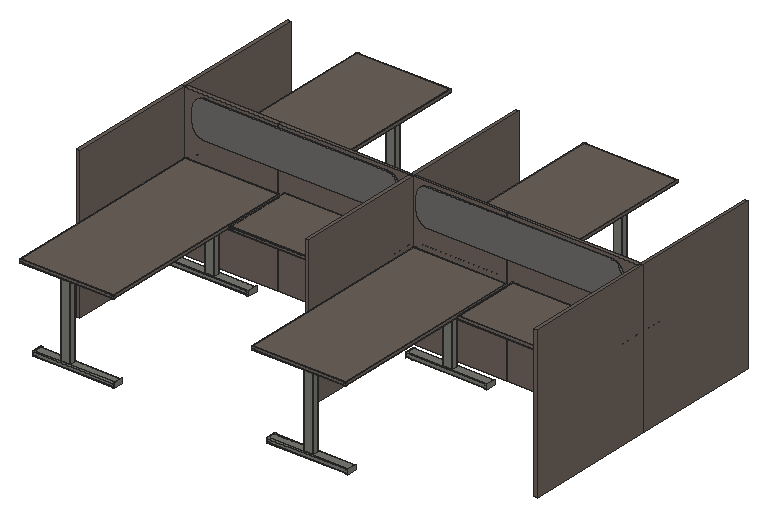
Revit family "T200182", category Furniture, Revit 2015 (continued)
Definition of nested family "STAKS SPINE OR DIVIDER WALL 48in"
  Types (19): name | Model | Description | Width
    STAKS SPINE OR DIVIDER WALL 48in X 49in | "6-PAN-48/49" | "OFS STAKS SPINE OR DIVIDER WALL 48\" Height x 49\" Width, Levelers allow 2.5\" Height Adjustability for Uneven Floor" | 49.00"
    STAKS SPINE OR DIVIDER WALL 48in X 52in | "6-PAN-48/52" | "OFS STAKS SPINE OR DIVIDER WALL 48\" Height x 52\" Width, Levelers allow 2.5\" Height Adjustability for Uneven Floor" | 52.00"
    STAKS SPINE OR DIVIDER WALL 48in X 54in | "6-PAN-48/54" | "OFS STAKS SPINE OR DIVIDER WALL 48\" Height x 54\" Width, Levelers allow 2.5\" Height Adjustability for Uneven Floor" | 54.00"
    STAKS SPINE OR DIVIDER WALL 48in X 56in | "6-PAN-48/56" | "OFS STAKS SPINE OR DIVIDER WALL 48\" Height x 56\" Width, Levelers allow 2.5\" Height Adjustability for Uneven Floor" | 56.00"
    STAKS SPINE OR DIVIDER WALL 48in X 58in | "6-PAN-48/58" | "OFS STAKS SPINE OR DIVIDER WALL 48\" Height x 58\" Width, Levelers allow 2.5\" Height Adjustability for Uneven Floor" | 58.00"
    STAKS SPINE OR DIVIDER WALL 48in X 59in | "6-PAN-48/59" | "OFS STAKS SPINE OR DIVIDER WALL 48\" Height x 59\" Width, Levelers allow 2.5\" Height Adjustability for Uneven Floor" | 59.00"
  Reference planes (in)
    plane 1: z = -0.125
    plane 2 "LEFT": x = 7.55498
    plane 3 "RIGHT": x = 37.55498
    plane 4 "BACK": y = -1.83365
    plane 5 "FRONT": y = -2.83365
    plane 6: x = 7.67998
    plane 7: x = 37.42998
    plane 8: y = -1.95865
    plane 9: y = -2.70865
    plane 10: z = -0.125
    plane 11 "SURFACE TOP": z = 47.875
  Forms (in)
    Extrusion 1, solid, material <- "Staks Spine or Divider Wall"
      sketch origin (0, 0, 17.125) x (-1, 0, 0) y (0, -1, 0)
        loop
          line (-7.55498, 1.83365) -> (-7.55498, 2.83365) -> (-37.55498, 2.83365) -> (-37.55498, 1.83365) -> (-7.55498, 1.83365)
      from 30.75 to -17.25
  Lines and regions (in)
    symbolic lines
      curve 1: line (7.55498, -1.83365, 47.875) -> (37.55498, -1.83365, 47.875)
      curve 2: line (7.55498, -2.83365, 47.875) -> (7.55498, -1.83365, 47.875)
      curve 3: line (37.55498, -2.83365, 47.875) -> (7.55498, -2.83365, 47.875)
      curve 4: line (37.55498, -1.83365, 47.875) -> (37.55498, -2.83365, 47.875)
  Dimensions and locks (in)
    "Depth": plane 4 "BACK" to plane 5 "FRONT"
    "Width": plane 2 "LEFT" to plane 3 "RIGHT"
    "Height": plane 11 "SURFACE TOP" to plane 10
    locked: plane 4 "BACK" to plane 8 at 0.125
    locked: plane 2 "LEFT" to plane 6 at 0.125
    locked: plane 7 to plane 3 "RIGHT" at 0.125
    locked: plane 9 to plane 5 "FRONT" at 0.125
    "Height Above Floor": plane 11 "SURFACE TOP" to level
    aligned: level to plane 1
    aligned and locked: plane 11 "SURFACE TOP" to Extrusion 1
    aligned and locked: Extrusion 1 to plane 10
    aligned and locked: plane 4 "BACK" to Extrusion 1 sketch curve
    aligned and locked: Extrusion 1 sketch curve to plane 2 "LEFT"
    aligned and locked: Extrusion 1 sketch curve to plane 5 "FRONT"
    aligned and locked: plane 3 "RIGHT" to Extrusion 1 sketch curve
    aligned and locked: curve 1 to Extrusion 1
    aligned and locked: curve 2 to Extrusion 1
    aligned and locked: curve 3 to Extrusion 1
    aligned and locked: curve 4 to Extrusion 1
Definition of nested family "STAKS FABRIC TACKBOARD WITH ROUNDED CORNERS FOR SPINE OR DIVIDER WALL"
  Parameters (values of type "STAKS FABRIC TACKBOARD WITH ROUNDED CORNERS FOR SPINE OR DIVIDER WALL 18H x 49-73.9375W.")
    URL = "http://www.ofs.com/"
    Staks Fabric Tackboard = none
    Height Above Floor [instance] = 47.50"
    Height = 11.81102"
    Depth = 0.50"
    Model = "FTR10B"
    Manufacturer = "OFS"
    Description = "OFS STAKS FABRIC TACKBOARD WITH ROUNDED CORNERS FOR SPINE OR DIVIDER WALL 18\" Height X 49\" - 73.9375\" Width, Any Width in 1/8\" Increments available within Ranges Shown"
    Width = 65.74803"
    Copyright © = "© 2018 OFS"
    Catalog = "https://ofs.com/products/casegoods/private-office/staks"
    Authoring Version = "Autodesk Revit Architecture 2013"
    Assembly Code = "E2020200"
  Reference planes (in)
    plane 1: z = -0.125
    plane 2 "LEFT": x = 7.55498
    plane 3 "RIGHT": x = 73.30301
    plane 4 "BACK": y = -1.83365
    plane 5 "FRONT": y = -2.33365
    plane 6: x = 7.67998
    plane 7: x = 73.17801
    plane 8: y = -1.95865
    plane 9: y = -2.20865
    plane 10: z = 35.56398
    plane 11 "SURFACE TOP": z = 47.375
  Forms (in)
    Extrusion 1, solid, material <- "Staks Fabric Tackboard"
      sketch origin (0, 0.50035, 0) x (1, 0, 0) y (0, 0, 1)
        loop
          arc (69.30301, 35.56398) -> (72.13144, 36.73555) -> (73.30301, 39.56398) r 4
          line (73.30301, 39.56398) -> (73.30301, 43.375)
          arc (73.30301, 43.375) -> (72.13144, 46.20343) -> (69.30301, 47.375) r 4
          line (69.30301, 47.375) -> (11.55498, 47.375)
          arc (11.55498, 47.375) -> (8.72655, 46.20343) -> (7.55498, 43.375) r 4
          line (7.55498, 43.375) -> (7.55498, 39.56398)
          arc (7.55498, 39.56398) -> (8.72655, 36.73555) -> (11.55498, 35.56398) r 4
          line (11.55498, 35.56398) -> (69.30301, 35.56398)
      from 2.834 to 2.334
  Dimensions and locks (in)
    "Depth": plane 4 "BACK" to plane 5 "FRONT"
    "Width": plane 2 "LEFT" to plane 3 "RIGHT"
    "Height": plane 11 "SURFACE TOP" to plane 10
    locked: plane 4 "BACK" to plane 8 at 0.125
    locked: plane 2 "LEFT" to plane 6 at 0.125
    locked: plane 7 to plane 3 "RIGHT" at 0.125
    locked: plane 9 to plane 5 "FRONT" at 0.125
    "Height Above Floor": plane 11 "SURFACE TOP" to level
    aligned: level to plane 1
    aligned and locked: plane 10 to Extrusion 1 sketch curve
    aligned and locked: Extrusion 1 sketch curve to plane 3 "RIGHT"
    aligned and locked: Extrusion 1 sketch curve to plane 11 "SURFACE TOP"
    aligned and locked: plane 2 "LEFT" to Extrusion 1 sketch curve
    aligned and locked: Extrusion 1 to plane 5 "FRONT"
    aligned and locked: plane 4 "BACK" to Extrusion 1
  Automatic sketch dimensions
    plane 10 to Extrusion 1 sketch curve = 4.00"
    plane 6 to Extrusion 1 sketch curve = 3.875"  (x2)
    Extrusion 1 sketch curve to plane 7 = 3.875"
Definition of nested family "STAKS CENTER ELECTRIC ADJUSTABLE HEIGHT BASE Rectangular"
  Parameters (values of type "STAKS CENTER ELECTRIC ADJUSTABLE HEIGHT BASE 24in Rectangular")
    Width = 3.00"
    URL = "http://www.ofs.com/"
    Leg Caps Material = none
    Depth = 20.00"
    Model = "HA24CRE"
    Manufacturer = "OFS"
    Height [instance] = 27.875"
    Description = "OFS STAKS CENTER ELECTRIC ADJUSTABLE HEIGHT BASE 24in Rectangular, Use with 20\" - 24\"D Rectangular Top"
    Copyright © = "© 2018 OFS"
    Column and Legs Material = none
    Catalog = "https://ofs.com/products/casegoods/private-office/staks"
    Authoring Version = "Autodesk Revit Architecture 2013"
    Assembly Code = "E2020200"
  Types (2): name | Depth | Model | Description
    STAKS CENTER ELECTRIC ADJUSTABLE HEIGHT BASE 24in Rectangular | 20.00" | "HA24CRE" | "OFS STAKS CENTER ELECTRIC ADJUSTABLE HEIGHT BASE 24in Rectangular, Use with 20\" - 24\"D Rectangular Top"
    STAKS CENTER ELECTRIC ADJUSTABLE HEIGHT BASE 30in Rectangular | 26.00" | "HA30CRE" | "OFS STAKS CENTER ELECTRIC ADJUSTABLE HEIGHT BASE 30in Rectangular, Use with 24.125\" - 30\"D Rectangular Top"
  Reference planes (in)
    plane 1: z = 0
    plane 2 "Center (Front/Back)": y = -2.62465
    plane 3 "Center (Left/Right)": x = -18
    plane 4 "H LEG TOP": z = 27.875
    plane 5: x = -15
    plane 6: x = -13.5
    plane 7: y = -12.62465
    plane 8: y = 7.37535
    plane 9 "CENTER": x = -16.5
    plane 10: z = 1.955
    plane 11: z = 0.455
    plane 12: x = -17.5
    plane 13: x = -15.5
    plane 14: y = 6.12535
    plane 15: y = -11.37465
    plane 16: y = -1.12465
    plane 17: y = -4.12465
    plane 18: z = 25.34078
    plane 19: z = 25.875
    plane 20: z = 26.875
    plane 21: y = -4.49965
    plane 22: y = -0.74965
    plane 23: y = -5.99965
    plane 24: y = 0.75035
    plane 25: x = -17.63484
    plane 26: x = -19.13484
    plane 27: y = -12.49965
    plane 28: y = 7.25035
  Forms (in)
    Extrusion 1, solid
      sketch origin (8.306, -1.24965, 17.75) x (0, 0, 1) y (-1, 0, 0)
        loop
          line (-15.795, 26.306) -> (-17.295, 26.306) -> (-17.295, 23.306) -> (-15.795, 23.306) -> (-15.795, 26.306)
      from -8.625 to -8.5
    Revolve 2, solid, material <- "Leg Caps Material"
      sketch origin (-10.53974, 6.12535, 0) x (-1, 0, 0) y (0, 0, 1)
        loop
          line (5.96026, 0.455) -> (5.96026, 0) -> (6.64775, 0) -> (6.64775, 0.19198) -> (6.24151, 0.36125) -> (6.24151, 0.455) -> (5.96026, 0.455)
        axis (5.96026, 0) -> (5.96026, 0.455)
      angle from 0 to 360
    Revolve 3, solid, material <- "Leg Caps Material"
      sketch origin (-10.53974, -11.37465, 0) x (-1, 0, 0) y (0, 0, -1)
        loop
          line (5.96026, -0.455) -> (6.24151, -0.455) -> (6.24151, -0.36125) -> (6.64775, -0.19198) -> (6.64775, 0) -> (5.96026, 0) -> (5.96026, -0.455)
        axis (5.96026, 0) -> (5.96026, -0.455)
      angle from 0 to 360
    Extrusion 4, solid, material <- "Column and Legs Material"
      sketch origin (0, 0, 27.875) x (0, -1, 0) y (1, 0, 0)
        loop
          arc (1.12465, -17.25) -> (1.19787, -17.42678) -> (1.37465, -17.5) r 0.25
          line (1.37465, -17.5) -> (3.87465, -17.5)
          arc (3.87465, -17.5) -> (4.05143, -17.42678) -> (4.12465, -17.25) r 0.25
          line (4.12465, -17.25) -> (4.12465, -15.75)
          arc (4.12465, -15.75) -> (4.05143, -15.57322) -> (3.87465, -15.5) r 0.25
          line (3.87465, -15.5) -> (1.37465, -15.5)
          arc (1.37465, -15.5) -> (1.19787, -15.57322) -> (1.12465, -15.75) r 0.25
          line (1.12465, -15.75) -> (1.12465, -17.25)
      from -25.92 to -2.53422
    Extrusion 5, solid, material <- "Column and Legs Material"
      sketch origin (19.74279, 0.10259, 27.875) x (0, -1, 0) y (1, 0, 0)
        loop
          line (0.85224, -30.69457) -> (0.85224, -37.12762)
          arc (0.85224, -37.12762) -> (0.92547, -37.3044) -> (1.10224, -37.37762) r 0.25
          line (1.10224, -37.37762) -> (4.35224, -37.37762)
          arc (4.35224, -37.37762) -> (4.52902, -37.3044) -> (4.60224, -37.12762) r 0.25
          line (4.60224, -37.12762) -> (4.60224, -30.69457)
          arc (4.60224, -30.69457) -> (4.52902, -30.5178) -> (4.35224, -30.44457) r 0.25
          line (4.35224, -30.44457) -> (1.10224, -30.44457)
          arc (1.10224, -30.44457) -> (0.92547, -30.5178) -> (0.85224, -30.69457) r 0.25
      from -1 to 0
    Blend 6, solid, material <- "Column and Legs Material"
      base sketch origin (0, 0, 27.875) x (0, -1, 0) y (1, 0, 0)
        loop
          line (4.24965, -10.70179) -> (0.99965, -10.70179)
          arc (0.99965, -10.70179) -> (0.82287, -10.77501) -> (0.74965, -10.95179) r 0.25
          line (0.74965, -10.95179) -> (0.74965, -17.38484)
          arc (0.74965, -17.38484) -> (0.82287, -17.56161) -> (0.99965, -17.63484) r 0.25
          line (0.99965, -17.63484) -> (4.24965, -17.63484)
          arc (4.24965, -17.63484) -> (4.42643, -17.56161) -> (4.49965, -17.38484) r 0.25
          line (4.49965, -17.38484) -> (4.49965, -10.95179)
          arc (4.49965, -10.95179) -> (4.42643, -10.77501) -> (4.24965, -10.70179) r 0.25
      top sketch origin (0, 0, 27.875) x (0, -1, 0) y (1, 0, 0)
        loop
          arc (4.12465, -11.45179) -> (4.05143, -11.27501) -> (3.87465, -11.20179) r 0.25
          line (3.87465, -11.20179) -> (1.37465, -11.20179)
          arc (1.37465, -11.20179) -> (1.19787, -11.27501) -> (1.12465, -11.45179) r 0.25
          line (1.12465, -11.45179) -> (1.12465, -17.25)
          arc (1.12465, -17.25) -> (1.19787, -17.42678) -> (1.37465, -17.5) r 0.25
          line (1.37465, -17.5) -> (3.87465, -17.5)
          arc (3.87465, -17.5) -> (4.05143, -17.42678) -> (4.12465, -17.25) r 0.25
          line (4.12465, -17.25) -> (4.12465, -11.45179)
      from -1 to -2
    Extrusion 7, solid, material <- "Column and Legs Material"
      sketch origin (0, 0, 27.875) x (0, -1, 0) y (1, 0, 0)
        loop
          line (3.87465, -15.625) -> (1.37465, -15.625)
          arc (1.37465, -15.625) -> (1.28626, -15.66161) -> (1.24965, -15.75) r 0.125
          line (1.24965, -15.75) -> (1.24965, -17.25)
          arc (1.24965, -17.25) -> (1.28626, -17.33839) -> (1.37465, -17.375) r 0.125
          line (1.37465, -17.375) -> (3.87465, -17.375)
          arc (3.87465, -17.375) -> (3.96304, -17.33839) -> (3.99965, -17.25) r 0.125
          line (3.99965, -17.25) -> (3.99965, -15.75)
          arc (3.99965, -15.75) -> (3.96304, -15.66161) -> (3.87465, -15.625) r 0.125
      from -2.53422 to -2
    Extrusion 8, solid, material <- "Column and Legs Material"
      sketch origin (0, -2.62465, 0) x (1, 0, 0) y (0, 0, 1)
        loop
          line (-17.63484, 27.875) -> (-19.13484, 27.875) -> (-19.13484, 27.75) -> (-17.75984, 27.75) -> (-17.75984, 26.375) -> (-17.63484, 26.375) -> (-17.63484, 27.875)
      from -1.5 to 1.5
    Extrusion 9, solid, material <- "Column and Legs Material"
      sketch origin (-15.75984, 13.13518, 0) x (0, 1, 0) y (0, 0, -1)
        loop
          line (-17.63484, -27.875) -> (-17.63484, -26.375) -> (-17.75984, -26.375) -> (-17.75984, -27.75) -> (-19.13484, -27.75) -> (-19.13484, -27.875) -> (-17.63484, -27.875)
      from -4.55805 to 1.74016
    Extrusion 10, solid, material <- "Column and Legs Material"
      sketch origin (-15.75984, -18.38449, 0) x (0, -1, 0) y (0, 0, 1)
        loop
          line (-17.63484, 27.875) -> (-19.13484, 27.875) -> (-19.13484, 27.75) -> (-17.75984, 27.75) -> (-17.75984, 26.375) -> (-17.63484, 26.375) -> (-17.63484, 27.875)
      from -4.55805 to 1.74016
    Extrusion 11, solid
      sketch origin (8.306, -1.24965, 17.75) x (0, 0, 1) y (-1, 0, 0)
        loop
          line (-15.795, 26.306) -> (-17.295, 26.306) -> (-17.295, 23.306) -> (-15.795, 23.306) -> (-15.795, 26.306)
      from 11.25 to 11.375
    Extrusion 12, solid
      sketch origin (8.306, -1.24965, 17.75) x (0, 0, 1) y (-1, 0, 0)
        loop
          line (-16.045, 26.306) -> (-17.045, 26.306)
          arc (-17.045, 26.306) -> (-17.22178, 26.23278) -> (-17.295, 26.056) r 0.25
          line (-17.295, 26.056) -> (-17.295, 23.556)
          arc (-17.295, 23.556) -> (-17.22178, 23.37922) -> (-17.045, 23.306) r 0.25
          line (-17.045, 23.306) -> (-16.045, 23.306)
          arc (-16.045, 23.306) -> (-15.86822, 23.37922) -> (-15.795, 23.556) r 0.25
          line (-15.795, 23.556) -> (-15.795, 26.056)
          arc (-15.795, 26.056) -> (-15.86822, 26.23278) -> (-16.045, 26.306) r 0.25
      from -8.5 to 11.25
  Dimensions and locks (in)
    equal spacing: plane 7, plane 2 "Center (Front/Back)", plane 8
    "Depth": plane 7 to plane 8
    "Height": plane 4 "H LEG TOP" to plane 1
    equal spacing: plane 3 "Center (Left/Right)", plane 9 "CENTER", plane 5
    "Width": plane 3 "Center (Left/Right)" to plane 5
    plane 10 to plane 11 to plane 1 = 1.50" locked, 0.455" locked
    locked: plane 13 to plane 5 at 0.5
    locked: plane 3 "Center (Left/Right)" to plane 12 at 0.5
    locked: plane 14 to plane 8 at 1.25
    locked: plane 15 to plane 7 at 1.25
    plane 23 to plane 21 to plane 17 to plane 2 "Center (Front/Back)" to plane 16 to plane 22 to plane 24 = 1.50" locked, 0.375" locked, 1.50" locked, 1.50" locked, 0.375" locked, 1.50" locked
    locked: plane 18 to plane 10 at 23.38578
    locked: plane 4 "H LEG TOP" to plane 20 at 1
    locked: plane 20 to plane 19 at 1
    plane 26 to plane 25 to plane 12 = 1.50" locked, 0.13484" locked
    locked: plane 7 to plane 27 at 0.125
    locked: plane 8 to plane 28 at 0.125
    aligned and locked: level to plane 1
    aligned and locked: plane 5 to Extrusion 1
    aligned and locked: Extrusion 1 to plane 3 "Center (Left/Right)"
    aligned and locked: Extrusion 1 to plane 11
    aligned and locked: plane 10 to Extrusion 1
    aligned and locked: Extrusion 4 sketch curve to plane 16
    aligned and locked: Extrusion 4 sketch curve to plane 12
    aligned and locked: Extrusion 4 sketch curve to plane 17
    aligned and locked: plane 13 to Extrusion 4 sketch curve
    aligned and locked: Extrusion 4 to plane 10
    aligned and locked: plane 18 to Extrusion 4
    aligned and locked: plane 14 to Revolve 2
    aligned and locked: plane 15 to Revolve 3
    aligned and locked: Extrusion 5 to plane 22
    aligned and locked: Extrusion 5 to plane 21
    aligned and locked: Extrusion 5 to plane 20
    aligned and locked: Extrusion 5 to plane 4 "H LEG TOP"
    aligned and locked: plane 17 to Blend 6 sketch curve
    aligned and locked: plane 16 to Blend 6 sketch curve
    aligned and locked: plane 20 to Blend 6
    aligned and locked: Blend 6 to plane 19
    aligned and locked: Extrusion 7 to plane 18
    aligned and locked: plane 19 to Extrusion 7
    aligned and locked: Extrusion 8 sketch curve to plane 4 "H LEG TOP"
    aligned and locked: Extrusion 8 sketch curve to plane 25
    aligned and locked: Extrusion 8 sketch curve to plane 26
    aligned and locked: Extrusion 8 sketch curve to Extrusion 8 sketch curve
    aligned and locked: Extrusion 8 to plane 16
    aligned and locked: Extrusion 8 to plane 17
    aligned and locked: Extrusion 9 sketch curve to Extrusion 9 sketch curve
    aligned and locked: Extrusion 9 to plane 12
    aligned and locked: Extrusion 10 sketch curve to Extrusion 10 sketch curve
    aligned and locked: plane 10 to Extrusion 12
    aligned and locked: plane 10 to Extrusion 11
    aligned and locked: plane 5 to Extrusion 12
    aligned and locked: plane 5 to Extrusion 11
    aligned and locked: Extrusion 12 to plane 11
    aligned and locked: Extrusion 11 to plane 11
    aligned and locked: Extrusion 12 to plane 3 "Center (Left/Right)"
    aligned and locked: Extrusion 11 to plane 3 "Center (Left/Right)"
    aligned and locked: plane 7 to Extrusion 11
    aligned and locked: Extrusion 11 to plane 27
    aligned and locked: plane 27 to Extrusion 12
    aligned and locked: Extrusion 1 to plane 28
    aligned and locked: Extrusion 1 to plane 8
    aligned and locked: plane 28 to Extrusion 12
  Automatic sketch dimensions
    Extrusion 1 sketch curve to plane 3 "Center (Left/Right)" = 0.00"
    Extrusion 1 sketch curve to plane 11 = 0.00"
    Extrusion 1 sketch curve to plane 5 = 0.00"
    Extrusion 1 sketch curve to plane 10 = 0.00"
    Revolve 2 sketch curve to level = 0.00"
    Revolve 2 sketch curve to plane 9 "CENTER" = 0.00"  (x2)
    Revolve 2 sketch curve to plane 11 = 0.00"
    level to Revolve 2 sketch curve = 0.19198"
    Revolve 2 sketch curve to Revolve 2 sketch curve = 0.28125"
    plane 12 to Revolve 2 sketch curve = 0.31251"
    Revolve 2 sketch curve to Revolve 2 sketch curve = 0.09375"
    Revolve 2 sketch curve to Revolve 2 sketch curve = 0.19198"
    Revolve 2 sketch curve to Revolve 2 sketch curve = 0.09555"
    Revolve 3 sketch curve to level = 0.00"
    Revolve 3 sketch curve to plane 9 "CENTER" = 0.00"  (x2)
    Revolve 3 sketch curve to plane 11 = 0.00"
    Revolve 3 sketch curve to plane 11 = 0.09375"
    Revolve 3 sketch curve to Revolve 3 sketch curve = 0.28125"
    plane 12 to Revolve 3 sketch curve = 0.31251"
    Revolve 3 sketch curve to Revolve 3 sketch curve = 0.19198"
    Revolve 3 sketch curve to plane 11 = 0.16748"
    Revolve 3 sketch curve to Revolve 3 sketch curve = 0.09555"
    plane 16 to Extrusion 4 sketch curve = 0.25"  (x2)
    plane 12 to Extrusion 4 sketch curve = 0.25"
    plane 17 to Extrusion 4 sketch curve = 0.25"
    plane 22 to Extrusion 5 sketch curve = 0.00"
    Extrusion 5 sketch curve to plane 25 = 0.00"
    Extrusion 5 sketch curve to plane 21 = 0.00"
    plane 12 to Extrusion 5 sketch curve = 0.11516"
    Extrusion 5 sketch curve to plane 16 = 0.125"  (x2)
    Extrusion 5 sketch curve to plane 17 = 0.125"
    plane 6 to Extrusion 5 sketch curve = 2.54821"
    plane 22 to Blend 6 sketch curve = 0.00"
    Blend 6 sketch curve to plane 25 = 0.00"
    Blend 6 sketch curve to plane 21 = 0.00"
    plane 12 to Blend 6 sketch curve = 0.11516"
    Blend 6 sketch curve to plane 16 = 0.125"  (x2)
    Blend 6 sketch curve to plane 17 = 0.125"
    plane 6 to Blend 6 sketch curve = 2.54821"
    Blend 6 sketch curve to plane 12 = 0.00"
    plane 16 to Blend 6 sketch curve = 0.25"  (x2)
    plane 12 to Blend 6 sketch curve = 0.25"
    plane 17 to Blend 6 sketch curve = 0.25"
    plane 6 to Blend 6 sketch curve = 2.04821"
    plane 16 to Extrusion 7 sketch curve = 0.125"
    plane 12 to Extrusion 7 sketch curve = 0.125"
    Extrusion 7 sketch curve to Extrusion 7 sketch curve = 0.125"  (x2)
    Extrusion 7 sketch curve to plane 13 = 0.125"
    plane 17 to Extrusion 7 sketch curve = 0.25"  (x2)
    plane 17 to Extrusion 7 sketch curve = 0.125"
    Extrusion 8 sketch curve to plane 25 = 0.125"
    plane 19 to Extrusion 8 sketch curve = 0.50"
    plane 4 "H LEG TOP" to Extrusion 8 sketch curve = 0.125"
    plane 4 "H LEG TOP" to Extrusion 9 sketch curve = 0.00"
    Extrusion 9 sketch curve to plane 23 = 0.00"
    Extrusion 9 sketch curve to plane 21 = 0.00"
    plane 4 "H LEG TOP" to Extrusion 9 sketch curve = 0.125"
    Extrusion 9 sketch curve to plane 21 = 0.125"
    plane 19 to Extrusion 9 sketch curve = 0.50"
    plane 4 "H LEG TOP" to Extrusion 10 sketch curve = 0.00"
    Extrusion 10 sketch curve to plane 24 = 0.00"
    Extrusion 10 sketch curve to plane 22 = 0.00"
    plane 19 to Extrusion 10 sketch curve = 0.50"
    Extrusion 10 sketch curve to plane 22 = 0.125"
    plane 4 "H LEG TOP" to Extrusion 10 sketch curve = 0.125"
    Extrusion 11 sketch curve to plane 3 "Center (Left/Right)" = 0.00"
    Extrusion 11 sketch curve to plane 11 = 0.00"
    Extrusion 11 sketch curve to plane 5 = 0.00"
    Extrusion 11 sketch curve to plane 10 = 0.00"
    Extrusion 12 sketch curve to plane 11 = 0.00"
    Extrusion 12 sketch curve to plane 3 "Center (Left/Right)" = 0.00"
    Extrusion 12 sketch curve to plane 5 = 0.00"
    Extrusion 12 sketch curve to plane 10 = 0.00"
    Extrusion 12 sketch curve to plane 5 = 0.25"
    plane 11 to Extrusion 12 sketch curve = 0.25"
    Extrusion 12 sketch curve to plane 10 = 0.25"  (x2)
Definition of nested family "STAKS OFFSET ELECTRIC ADJUSTABLE HEIGHT BASE Rectangular"
  Parameters (values of type "STAKS OFFSET ELECTRIC ADJUSTABLE HEIGHT BASE 20in Rectangular")
    Width = 3.00"
    URL = "http://www.ofs.com/"
    Leg Caps Material = none
    Depth = 16.00"
    Model = "HA20FRE"
    Manufacturer = "OFS"
    Height [instance] = 27.875"
    Description = "OFS STAKS OFFSET ELECTRIC ADJUSTABLE HEIGHT BASE 20in Rectangular, Use with up to 19.75\"D Rectangular Top"
    D2 = 11.00"
    Copyright © = "© 2018 OFS"
    Column and Legs Material = none
    Catalog = "https://ofs.com/products/casegoods/private-office/staks"
    Authoring Version = "Autodesk Revit Architecture 2013"
    Assembly Code = "E2020200"
  Types (3): name | Depth | Model | Description | D2
    STAKS OFFSET ELECTRIC ADJUSTABLE HEIGHT BASE 20in Rectangular | 16.00" | "HA20FRE" | "OFS STAKS OFFSET ELECTRIC ADJUSTABLE HEIGHT BASE 20in Rectangular, Use with up to 19.75\"D Rectangular Top" | 11.00"
    STAKS OFFSET ELECTRIC ADJUSTABLE HEIGHT BASE 24in Rectangular | 20.00" | "HA24FRE" | "OFS STAKS OFFSET ELECTRIC ADJUSTABLE HEIGHT BASE 24in Rectangular, Use with 20\" - 24\"D Rectangular Top" | 13.00"
    STAKS OFFSET ELECTRIC ADJUSTABLE HEIGHT BASE 30in Rectangular | 26.00" | "HA30FRE" | "OFS STAKS OFFSET ELECTRIC ADJUSTABLE HEIGHT BASE 30in Rectangular, Use with 24.125\" - 30\"D Rectangular Top" | 16.00"
  Reference planes (in)
    plane 1: z = 0
    plane 2 "Center (Front/Back)": y = -2.62465
    plane 3 "Center (Left/Right)": x = -18
    plane 4 "H LEG TOP": z = 27.875
    plane 5: x = -15
    plane 6: x = -13.5
    plane 7: y = -13.62465
    plane 8: y = 2.37535
    plane 9 "CENTER": x = -16.5
    plane 10: z = 1.955
    plane 11: z = 0.455
    plane 12: x = -17.5
    plane 13: x = -15.5
    plane 14: y = 1.12535
    plane 15: y = -12.37465
    plane 16: y = -1.12465
    plane 17: y = -4.12465
    plane 18: z = 25.34078
    plane 19: z = 25.875
    plane 20: z = 26.875
    plane 21: y = -4.49965
    plane 22: y = -0.74965
    plane 23: y = -5.99965
    plane 24: y = 0.75035
    plane 25: x = -17.63484
    plane 26: x = -19.13484
    plane 27: y = -13.49965
    plane 28: y = 2.25035
  Forms (in)
    Extrusion 1, solid
      sketch origin (8.306, -1.24965, 17.75) x (0, 0, 1) y (-1, 0, 0)
        loop
          line (-15.795, 26.306) -> (-17.295, 26.306) -> (-17.295, 23.306) -> (-15.795, 23.306) -> (-15.795, 26.306)
      from -3.625 to -3.5
    Revolve 2, solid, material <- "Leg Caps Material"
      sketch origin (-10.53974, 1.12535, 0) x (-1, 0, 0) y (0, 0, 1)
        loop
          line (5.96026, 0.455) -> (5.96026, 0) -> (6.64775, 0) -> (6.64775, 0.19198) -> (6.24151, 0.36125) -> (6.24151, 0.455) -> (5.96026, 0.455)
        axis (5.96026, 0) -> (5.96026, 0.455)
      angle from 0 to 360
    Revolve 3, solid, material <- "Leg Caps Material"
      sketch origin (-10.53974, -12.37465, 0) x (-1, 0, 0) y (0, 0, -1)
        loop
          line (5.96026, -0.455) -> (6.24151, -0.455) -> (6.24151, -0.36125) -> (6.64775, -0.19198) -> (6.64775, 0) -> (5.96026, 0) -> (5.96026, -0.455)
        axis (5.96026, 0) -> (5.96026, -0.455)
      angle from 0 to 360
    Extrusion 4, solid, material <- "Column and Legs Material"
      sketch origin (0, 0, 27.875) x (0, -1, 0) y (1, 0, 0)
        loop
          arc (1.12465, -17.25) -> (1.19787, -17.42678) -> (1.37465, -17.5) r 0.25
          line (1.37465, -17.5) -> (3.87465, -17.5)
          arc (3.87465, -17.5) -> (4.05143, -17.42678) -> (4.12465, -17.25) r 0.25
          line (4.12465, -17.25) -> (4.12465, -15.75)
          arc (4.12465, -15.75) -> (4.05143, -15.57322) -> (3.87465, -15.5) r 0.25
          line (3.87465, -15.5) -> (1.37465, -15.5)
          arc (1.37465, -15.5) -> (1.19787, -15.57322) -> (1.12465, -15.75) r 0.25
          line (1.12465, -15.75) -> (1.12465, -17.25)
      from -25.92 to -2.53422
    Extrusion 5, solid, material <- "Column and Legs Material"
      sketch origin (19.74279, 0.10259, 27.875) x (0, -1, 0) y (1, 0, 0)
        loop
          line (0.85224, -30.69457) -> (0.85224, -37.12762)
          arc (0.85224, -37.12762) -> (0.92547, -37.3044) -> (1.10224, -37.37762) r 0.25
          line (1.10224, -37.37762) -> (4.35224, -37.37762)
          arc (4.35224, -37.37762) -> (4.52902, -37.3044) -> (4.60224, -37.12762) r 0.25
          line (4.60224, -37.12762) -> (4.60224, -30.69457)
          arc (4.60224, -30.69457) -> (4.52902, -30.5178) -> (4.35224, -30.44457) r 0.25
          line (4.35224, -30.44457) -> (1.10224, -30.44457)
          arc (1.10224, -30.44457) -> (0.92547, -30.5178) -> (0.85224, -30.69457) r 0.25
      from -1 to 0
    Blend 6, solid, material <- "Column and Legs Material"
      base sketch origin (0, 0, 27.875) x (0, -1, 0) y (1, 0, 0)
        loop
          line (4.24965, -10.70179) -> (0.99965, -10.70179)
          arc (0.99965, -10.70179) -> (0.82287, -10.77501) -> (0.74965, -10.95179) r 0.25
          line (0.74965, -10.95179) -> (0.74965, -17.38484)
          arc (0.74965, -17.38484) -> (0.82287, -17.56161) -> (0.99965, -17.63484) r 0.25
          line (0.99965, -17.63484) -> (4.24965, -17.63484)
          arc (4.24965, -17.63484) -> (4.42643, -17.56161) -> (4.49965, -17.38484) r 0.25
          line (4.49965, -17.38484) -> (4.49965, -10.95179)
          arc (4.49965, -10.95179) -> (4.42643, -10.77501) -> (4.24965, -10.70179) r 0.25
      top sketch origin (0, 0, 27.875) x (0, -1, 0) y (1, 0, 0)
        loop
          arc (4.12465, -11.45179) -> (4.05143, -11.27501) -> (3.87465, -11.20179) r 0.25
          line (3.87465, -11.20179) -> (1.37465, -11.20179)
          arc (1.37465, -11.20179) -> (1.19787, -11.27501) -> (1.12465, -11.45179) r 0.25
          line (1.12465, -11.45179) -> (1.12465, -17.25)
          arc (1.12465, -17.25) -> (1.19787, -17.42678) -> (1.37465, -17.5) r 0.25
          line (1.37465, -17.5) -> (3.87465, -17.5)
          arc (3.87465, -17.5) -> (4.05143, -17.42678) -> (4.12465, -17.25) r 0.25
          line (4.12465, -17.25) -> (4.12465, -11.45179)
      from -1 to -2
    Extrusion 7, solid, material <- "Column and Legs Material"
      sketch origin (0, 0, 27.875) x (0, -1, 0) y (1, 0, 0)
        loop
          line (3.87465, -15.625) -> (1.37465, -15.625)
          arc (1.37465, -15.625) -> (1.28626, -15.66161) -> (1.24965, -15.75) r 0.125
          line (1.24965, -15.75) -> (1.24965, -17.25)
          arc (1.24965, -17.25) -> (1.28626, -17.33839) -> (1.37465, -17.375) r 0.125
          line (1.37465, -17.375) -> (3.87465, -17.375)
          arc (3.87465, -17.375) -> (3.96304, -17.33839) -> (3.99965, -17.25) r 0.125
          line (3.99965, -17.25) -> (3.99965, -15.75)
          arc (3.99965, -15.75) -> (3.96304, -15.66161) -> (3.87465, -15.625) r 0.125
      from -2.53422 to -2
    Extrusion 8, solid, material <- "Column and Legs Material"
      sketch origin (0, -2.62465, 0) x (1, 0, 0) y (0, 0, 1)
        loop
          line (-17.63484, 27.875) -> (-19.13484, 27.875) -> (-19.13484, 27.75) -> (-17.75984, 27.75) -> (-17.75984, 26.375) -> (-17.63484, 26.375) -> (-17.63484, 27.875)
      from -1.5 to 1.5
    Extrusion 9, solid, material <- "Column and Legs Material"
      sketch origin (-15.75984, 13.13518, 0) x (0, 1, 0) y (0, 0, -1)
        loop
          line (-17.63484, -27.875) -> (-17.63484, -26.375) -> (-17.75984, -26.375) -> (-17.75984, -27.75) -> (-19.13484, -27.75) -> (-19.13484, -27.875) -> (-17.63484, -27.875)
      from -4.55805 to 1.74016
    Extrusion 10, solid, material <- "Column and Legs Material"
      sketch origin (-15.75984, -18.38449, 0) x (0, -1, 0) y (0, 0, 1)
        loop
          line (-17.63484, 27.875) -> (-19.13484, 27.875) -> (-19.13484, 27.75) -> (-17.75984, 27.75) -> (-17.75984, 26.375) -> (-17.63484, 26.375) -> (-17.63484, 27.875)
      from -4.55805 to 1.74016
    Extrusion 11, solid
      sketch origin (8.306, -1.24965, 17.75) x (0, 0, 1) y (-1, 0, 0)
        loop
          line (-15.795, 26.306) -> (-17.295, 26.306) -> (-17.295, 23.306) -> (-15.795, 23.306) -> (-15.795, 26.306)
      from 12.25 to 12.375
    Extrusion 12, solid
      sketch origin (8.306, -1.24965, 17.75) x (0, 0, 1) y (-1, 0, 0)
        loop
          line (-16.045, 26.306) -> (-17.045, 26.306)
          arc (-17.045, 26.306) -> (-17.22178, 26.23278) -> (-17.295, 26.056) r 0.25
          line (-17.295, 26.056) -> (-17.295, 23.556)
          arc (-17.295, 23.556) -> (-17.22178, 23.37922) -> (-17.045, 23.306) r 0.25
          line (-17.045, 23.306) -> (-16.045, 23.306)
          arc (-16.045, 23.306) -> (-15.86822, 23.37922) -> (-15.795, 23.556) r 0.25
          line (-15.795, 23.556) -> (-15.795, 26.056)
          arc (-15.795, 26.056) -> (-15.86822, 26.23278) -> (-16.045, 26.306) r 0.25
      from -3.5 to 12.25
  Dimensions and locks (in)
    "Depth": plane 7 to plane 8
    "Height": plane 4 "H LEG TOP" to plane 1
    equal spacing: plane 3 "Center (Left/Right)", plane 9 "CENTER", plane 5
    "Width": plane 3 "Center (Left/Right)" to plane 5
    plane 10 to plane 11 to plane 1 = 1.50" locked, 0.455" locked
    locked: plane 13 to plane 5 at 0.5
    locked: plane 3 "Center (Left/Right)" to plane 12 at 0.5
    locked: plane 14 to plane 8 at 1.25
    locked: plane 15 to plane 7 at 1.25
    plane 23 to plane 21 to plane 17 to plane 2 "Center (Front/Back)" to plane 16 to plane 22 to plane 24 = 1.50" locked, 0.375" locked, 1.50" locked, 1.50" locked, 0.375" locked, 1.50" locked
    locked: plane 18 to plane 10 at 23.38578
    locked: plane 4 "H LEG TOP" to plane 20 at 1
    locked: plane 20 to plane 19 at 1
    plane 26 to plane 25 to plane 12 = 1.50" locked, 0.13484" locked
    locked: plane 7 to plane 27 at 0.125
    locked: plane 8 to plane 28 at 0.125
    "D2": plane 7 to plane 2 "Center (Front/Back)"
    aligned and locked: level to plane 1
    aligned and locked: plane 5 to Extrusion 1
    aligned and locked: Extrusion 1 to plane 3 "Center (Left/Right)"
    aligned and locked: Extrusion 1 to plane 11
    aligned and locked: plane 10 to Extrusion 1
    aligned and locked: Extrusion 4 sketch curve to plane 16
    aligned and locked: Extrusion 4 sketch curve to plane 12
    aligned and locked: Extrusion 4 sketch curve to plane 17
    aligned and locked: plane 13 to Extrusion 4 sketch curve
    aligned and locked: Extrusion 4 to plane 10
    aligned and locked: plane 18 to Extrusion 4
    aligned and locked: plane 14 to Revolve 2
    aligned and locked: plane 15 to Revolve 3
    aligned and locked: Extrusion 5 to plane 22
    aligned and locked: Extrusion 5 to plane 21
    aligned and locked: Extrusion 5 to plane 20
    aligned and locked: Extrusion 5 to plane 4 "H LEG TOP"
    aligned and locked: plane 17 to Blend 6 sketch curve
    aligned and locked: plane 16 to Blend 6 sketch curve
    aligned and locked: plane 20 to Blend 6
    aligned and locked: Blend 6 to plane 19
    aligned and locked: Extrusion 7 to plane 18
    aligned and locked: plane 19 to Extrusion 7
    aligned and locked: Extrusion 8 sketch curve to plane 4 "H LEG TOP"
    aligned and locked: Extrusion 8 sketch curve to plane 25
    aligned and locked: Extrusion 8 sketch curve to plane 26
    aligned and locked: Extrusion 8 sketch curve to Extrusion 8 sketch curve
    aligned and locked: Extrusion 8 to plane 16
    aligned and locked: Extrusion 8 to plane 17
    aligned and locked: Extrusion 9 sketch curve to Extrusion 9 sketch curve
    aligned and locked: Extrusion 9 to plane 12
    aligned and locked: Extrusion 10 sketch curve to Extrusion 10 sketch curve
    aligned and locked: plane 10 to Extrusion 12
    aligned and locked: plane 10 to Extrusion 11
    aligned and locked: plane 5 to Extrusion 12
    aligned and locked: plane 5 to Extrusion 11
    aligned and locked: Extrusion 12 to plane 11
    aligned and locked: Extrusion 11 to plane 11
    aligned and locked: Extrusion 12 to plane 3 "Center (Left/Right)"
    aligned and locked: Extrusion 11 to plane 3 "Center (Left/Right)"
    aligned and locked: plane 7 to Extrusion 11
    aligned and locked: Extrusion 11 to plane 27
    aligned and locked: plane 27 to Extrusion 12
    aligned and locked: Extrusion 1 to plane 28
    aligned and locked: Extrusion 1 to plane 8
    aligned and locked: plane 28 to Extrusion 12
  Automatic sketch dimensions
    Extrusion 1 sketch curve to plane 3 "Center (Left/Right)" = 0.00"
    Extrusion 1 sketch curve to plane 11 = 0.00"
    Extrusion 1 sketch curve to plane 5 = 0.00"
    Extrusion 1 sketch curve to plane 10 = 0.00"
    Revolve 2 sketch curve to level = 0.00"
    Revolve 2 sketch curve to plane 9 "CENTER" = 0.00"  (x2)
    Revolve 2 sketch curve to plane 11 = 0.00"
    level to Revolve 2 sketch curve = 0.19198"
    Revolve 2 sketch curve to Revolve 2 sketch curve = 0.28125"
    plane 12 to Revolve 2 sketch curve = 0.31251"
    Revolve 2 sketch curve to Revolve 2 sketch curve = 0.09375"
    Revolve 2 sketch curve to Revolve 2 sketch curve = 0.19198"
    Revolve 2 sketch curve to Revolve 2 sketch curve = 0.09555"
    Revolve 3 sketch curve to level = 0.00"
    Revolve 3 sketch curve to plane 9 "CENTER" = 0.00"  (x2)
    Revolve 3 sketch curve to plane 11 = 0.00"
    Revolve 3 sketch curve to plane 11 = 0.09375"
    Revolve 3 sketch curve to Revolve 3 sketch curve = 0.28125"
    plane 12 to Revolve 3 sketch curve = 0.31251"
    Revolve 3 sketch curve to Revolve 3 sketch curve = 0.19198"
    Revolve 3 sketch curve to plane 11 = 0.16748"
    Revolve 3 sketch curve to Revolve 3 sketch curve = 0.09555"
    plane 16 to Extrusion 4 sketch curve = 0.25"  (x2)
    plane 12 to Extrusion 4 sketch curve = 0.25"
    plane 17 to Extrusion 4 sketch curve = 0.25"
    plane 22 to Extrusion 5 sketch curve = 0.00"
    Extrusion 5 sketch curve to plane 25 = 0.00"
    Extrusion 5 sketch curve to plane 21 = 0.00"
    plane 12 to Extrusion 5 sketch curve = 0.11516"
    Extrusion 5 sketch curve to plane 16 = 0.125"  (x2)
    Extrusion 5 sketch curve to plane 17 = 0.125"
    plane 6 to Extrusion 5 sketch curve = 2.54821"
    plane 22 to Blend 6 sketch curve = 0.00"
    Blend 6 sketch curve to plane 25 = 0.00"
    Blend 6 sketch curve to plane 21 = 0.00"
    plane 12 to Blend 6 sketch curve = 0.11516"
    Blend 6 sketch curve to plane 16 = 0.125"  (x2)
    Blend 6 sketch curve to plane 17 = 0.125"
    plane 6 to Blend 6 sketch curve = 2.54821"
    Blend 6 sketch curve to plane 12 = 0.00"
    plane 16 to Blend 6 sketch curve = 0.25"  (x2)
    plane 12 to Blend 6 sketch curve = 0.25"
    plane 17 to Blend 6 sketch curve = 0.25"
    plane 6 to Blend 6 sketch curve = 2.04821"
    plane 16 to Extrusion 7 sketch curve = 0.125"
    plane 12 to Extrusion 7 sketch curve = 0.125"
    Extrusion 7 sketch curve to Extrusion 7 sketch curve = 0.125"  (x2)
    Extrusion 7 sketch curve to plane 13 = 0.125"
    plane 17 to Extrusion 7 sketch curve = 0.25"  (x2)
    plane 17 to Extrusion 7 sketch curve = 0.125"
    Extrusion 8 sketch curve to plane 25 = 0.125"
    plane 19 to Extrusion 8 sketch curve = 0.50"
    plane 4 "H LEG TOP" to Extrusion 8 sketch curve = 0.125"
    plane 4 "H LEG TOP" to Extrusion 9 sketch curve = 0.00"
    Extrusion 9 sketch curve to plane 23 = 0.00"
    Extrusion 9 sketch curve to plane 21 = 0.00"
    plane 4 "H LEG TOP" to Extrusion 9 sketch curve = 0.125"
    Extrusion 9 sketch curve to plane 21 = 0.125"
    plane 19 to Extrusion 9 sketch curve = 0.50"
    plane 4 "H LEG TOP" to Extrusion 10 sketch curve = 0.00"
    Extrusion 10 sketch curve to plane 24 = 0.00"
    Extrusion 10 sketch curve to plane 22 = 0.00"
    plane 19 to Extrusion 10 sketch curve = 0.50"
    Extrusion 10 sketch curve to plane 22 = 0.125"
    plane 4 "H LEG TOP" to Extrusion 10 sketch curve = 0.125"
    Extrusion 11 sketch curve to plane 3 "Center (Left/Right)" = 0.00"
    Extrusion 11 sketch curve to plane 11 = 0.00"
    Extrusion 11 sketch curve to plane 5 = 0.00"
    Extrusion 11 sketch curve to plane 10 = 0.00"
    Extrusion 12 sketch curve to plane 11 = 0.00"
    Extrusion 12 sketch curve to plane 3 "Center (Left/Right)" = 0.00"
    Extrusion 12 sketch curve to plane 5 = 0.00"
    Extrusion 12 sketch curve to plane 10 = 0.00"
    Extrusion 12 sketch curve to plane 5 = 0.25"
    plane 11 to Extrusion 12 sketch curve = 0.25"
    Extrusion 12 sketch curve to plane 10 = 0.25"  (x2)
Definition of nested family "STAKS PET HIGH BACK WIRE MANAGER to Underside of Worksurface"
  Parameters (values of type "STAKS PET HIGH BACK WIRE MANAGER Mounts to Underside of Worksurface 32in")
    Width = 32.00"
    Wire Manager Material = none
    URL = "http://www.ofs.com/"
    Height Above Floor [instance] = 28.50"
    Height = 2.50"
    Model = "WM-P32"
    Manufacturer = "OFS"
    Description = "OFS STAKS PET HIGH BACK WIRE MANAGER Mounts to Underside of Worksurface, 32\" Width"
    Depth = 8.00"
    Copyright © = "© 2018 OFS"
    Catalog = "https://ofs.com/products/open-plan/benching/staks"
    Authoring Version = "Autodesk Revit Architecture 2013"
    Assembly Code = "E2020200"
  Types (5): name | Width | Model | Description
    (no name) | 32.00" | "WM-P32" | "OFS STAKS PET HIGH BACK WIRE MANAGER Mounts to Underside of Worksurface, 32\" Width"
    STAKS PET HIGH BACK WIRE MANAGER Mounts to Underside of Worksurface 32in | 32.00" | "WM-P32" | "OFS STAKS PET HIGH BACK WIRE MANAGER Mounts to Underside of Worksurface, 32\" Width"
    STAKS PET HIGH BACK WIRE MANAGER Mounts to Underside of Worksurface 44in | 44.00" | "WM-P44" | "OFS STAKS PET HIGH BACK WIRE MANAGER Mounts to Underside of Worksurface, 44\" Width"
    STAKS PET HIGH BACK WIRE MANAGER Mounts to Underside of Worksurface 56in | 56.00" | "WM-P56" | "OFS STAKS PET HIGH BACK WIRE MANAGER Mounts to Underside of Worksurface, 56\" Width"
    STAKS PET HIGH BACK WIRE MANAGER Mounts to Underside of Worksurface 68in | 68.00" | "WM-P68" | "OFS STAKS PET HIGH BACK WIRE MANAGER Mounts to Underside of Worksurface, 68\" Width"
  Reference planes (in)
    plane 1 "Center (Front/Back)": y = 0
    plane 2: z = 0
    plane 3 "Center (Left/Right)": x = 0
    plane 4: x = 16
    plane 5: x = -16
    plane 6: y = 4
    plane 7: y = -4
    plane 8: z = 26
    plane 9: z = 28.5
    plane 10: x = -13.75
    plane 11: x = 13.75
    plane 12: z = 26.25
  Forms (in)
    Extrusion 1, solid, material <- "Wire Manager Material"
      sketch origin (0, 0, 0) x (0, 1, 0) y (0, 0, 1)
        loop
          line (2.20861, 28.3125) -> (1.67144, 28.3125)
          arc (1.67144, 28.3125) -> (1.57769, 28.28738) -> (1.50906, 28.21875) r 0.1875
          line (1.50906, 28.21875) -> (0.33476, 26.1848)
          arc (0.33476, 26.1848) -> (0.289, 26.13905) -> (0.2265, 26.1223) r 0.125
          line (0.2265, 26.1223) -> (-2.02381, 26.1223)
          arc (-2.02381, 26.1223) -> (-2.1122, 26.15891) -> (-2.14881, 26.2473) r 0.125
          line (-2.14881, 26.2473) -> (-2.14881, 26.3723) -> (-2.20861, 26.3723) -> (-2.20861, 26.24856)
          arc (-2.20861, 26.24856) -> (-2.15412, 26.117) -> (-2.02255, 26.0625) r 0.18606
          line (-2.02255, 26.0625) -> (0.22494, 26.0625)
          arc (0.22494, 26.0625) -> (0.31869, 26.08762) -> (0.38732, 26.15625) r 0.1875
          line (0.38732, 26.15625) -> (1.56163, 28.1902)
          arc (1.56163, 28.1902) -> (1.60738, 28.23595) -> (1.66988, 28.2527) r 0.125
          line (1.66988, 28.2527) -> (2.20861, 28.2527) -> (2.20861, 28.3125)
      from -16 to 16
  Dimensions and locks (in)
    equal spacing: plane 5, plane 3 "Center (Left/Right)", plane 4
    "Width": plane 5 to plane 4
    "Depth": plane 6 to plane 7
    equal spacing: plane 7, plane 1 "Center (Front/Back)", plane 6
    "Height": plane 9 to plane 8
    "Height Above Floor": plane 9 to level
    locked: plane 5 to plane 10 at 2.25
    locked: plane 4 to plane 11 at 2.25
    locked: plane 12 to plane 8 at 0.25
    aligned and locked: level to plane 2
    aligned and locked: plane 5 to Extrusion 1
    aligned and locked: plane 4 to Extrusion 1
  Automatic sketch dimensions
    Extrusion 1 sketch curve to plane 12 = 0.00144"
    Extrusion 1 sketch curve to plane 7 = 1.79139"
    plane 8 to Extrusion 1 sketch curve = 0.0625"
    Extrusion 1 sketch curve to plane 12 = 0.00"
    Extrusion 1 sketch curve to Extrusion 1 sketch curve = 0.0598"  (x3)
    Extrusion 1 sketch curve to Extrusion 1 sketch curve = 0.00126"
    Extrusion 1 sketch curve to plane 1 "Center (Front/Back)" = 0.22494"
    Extrusion 1 sketch curve to Extrusion 1 sketch curve = 0.00156"  (x2)
    Extrusion 1 sketch curve to plane 12 = 0.0652"
    Extrusion 1 sketch curve to Extrusion 1 sketch curve = 0.10825"
    Extrusion 1 sketch curve to plane 12 = 0.09375"
    Extrusion 1 sketch curve to plane 9 = 0.28125"
    Extrusion 1 sketch curve to plane 1 "Center (Front/Back)" = 1.50906"
    Extrusion 1 sketch curve to plane 9 = 0.3098"
    Extrusion 1 sketch curve to Extrusion 1 sketch curve = 0.05257"
    Extrusion 1 sketch curve to Extrusion 1 sketch curve = 0.10981"
    Extrusion 1 sketch curve to Extrusion 1 sketch curve = 0.53873"
    plane 12 to Extrusion 1 sketch curve = 0.1223"
    Extrusion 1 sketch curve to plane 9 = 0.2473"
